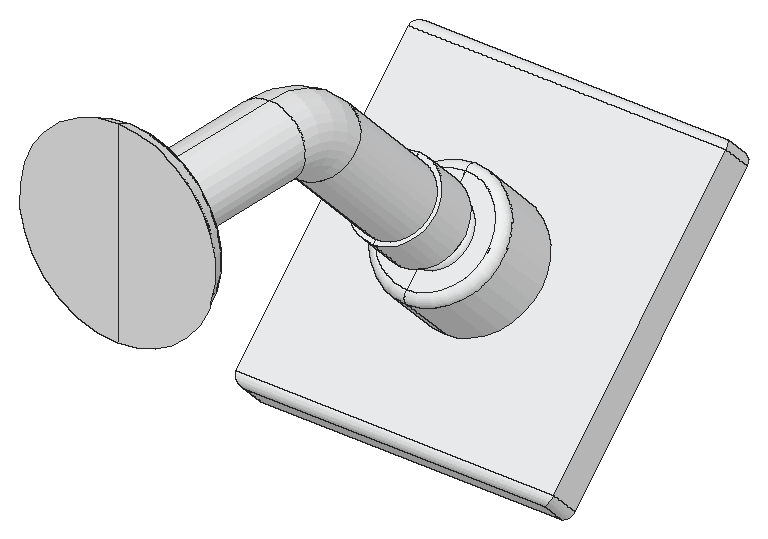
Revit family "434505551_Regadera Con Brazo Nogal", category Plumbing Fixtures, host Wall, Revit 2020 (continued)
Definition of nested family "Frontal"
  Lines and regions (mm)
    detail lines, in view "Ref. Level"
      curve 35: spline (28.801, 46.108, 0) -> (28.706, 45.626, 0) -> (28.426, 45.176, 0) -> (27.981, 44.79, 0) -> (27.401, 44.493, 0) -> (26.725, 44.307, 0) -> (26, 44.243, 0) -> (25.275, 44.307, 0) -> (24.599, 44.493, 0) -> (24.019, 44.79, 0) -> (23.574, 45.176, 0) -> (23.294, 45.626, 0) -> (23.199, 46.108, 0) -> (23.294, 46.591, 0) -> (23.574, 47.041, 0) -> (24.019, 47.427, 0) -> (24.599, 47.724, 0) -> (25.275, 47.91, 0) -> (26, 47.973, 0) -> (26.725, 47.91, 0) -> (27.401, 47.724, 0) -> (27.981, 47.427, 0) -> (28.426, 47.041, 0) -> (28.706, 46.591, 0) -> (28.801, 46.108, 0)
      curve 36: spline (28.801, 55.21, 0) -> (28.706, 55.693, 0) -> (28.426, 56.142, 0) -> (27.981, 56.529, 0) -> (27.401, 56.825, 0) -> (26.725, 57.011, 0) -> (26, 57.075, 0) -> (25.275, 57.011, 0) -> (24.599, 56.825, 0) -> (24.019, 56.529, 0) -> (23.574, 56.142, 0) -> (23.294, 55.693, 0) -> (23.199, 55.21, 0) -> (23.294, 54.727, 0) -> (23.574, 54.277, 0) -> (24.019, 53.891, 0) -> (24.599, 53.595, 0) -> (25.275, 53.408, 0) -> (26, 53.345, 0) -> (26.725, 53.408, 0) -> (27.401, 53.595, 0) -> (27.981, 53.891, 0) -> (28.426, 54.277, 0) -> (28.706, 54.727, 0) -> (28.801, 55.21, 0)
      curve 37: spline (28.801, 18.696, 0) -> (28.706, 18.214, 0) -> (28.426, 17.764, 0) -> (27.981, 17.377, 0) -> (27.401, 17.081, 0) -> (26.725, 16.895, 0) -> (26, 16.831, 0) -> (25.275, 16.895, 0) -> (24.599, 17.081, 0) -> (24.019, 17.377, 0) -> (23.574, 17.764, 0) -> (23.294, 18.214, 0) -> (23.199, 18.696, 0) -> (23.294, 19.179, 0) -> (23.574, 19.629, 0) -> (24.019, 20.015, 0) -> (24.599, 20.312, 0) -> (25.275, 20.498, 0) -> (26, 20.561, 0) -> (26.725, 20.498, 0) -> (27.401, 20.312, 0) -> (27.981, 20.015, 0) -> (28.426, 19.629, 0) -> (28.706, 19.179, 0) -> (28.801, 18.696, 0)
      curve 38: spline (28.801, 27.798, 0) -> (28.706, 28.281, 0) -> (28.426, 28.73, 0) -> (27.981, 29.117, 0) -> (27.401, 29.413, 0) -> (26.725, 29.599, 0) -> (26, 29.663, 0) -> (25.275, 29.599, 0) -> (24.599, 29.413, 0) -> (24.019, 29.117, 0) -> (23.574, 28.73, 0) -> (23.294, 28.281, 0) -> (23.199, 27.798, 0) -> (23.294, 27.315, 0) -> (23.574, 26.865, 0) -> (24.019, 26.479, 0) -> (24.599, 26.183, 0) -> (25.275, 25.996, 0) -> (26, 25.933, 0) -> (26.725, 25.996, 0) -> (27.401, 26.183, 0) -> (27.981, 26.479, 0) -> (28.426, 26.865, 0) -> (28.706, 27.315, 0) -> (28.801, 27.798, 0)
      curve 39: spline (41.801, 9.541, 0) -> (41.706, 9.058, 0) -> (41.426, 8.609, 0) -> (40.981, 8.222, 0) -> (40.401, 7.926, 0) -> (39.725, 7.74, 0) -> (39, 7.676, 0) -> (38.275, 7.74, 0) -> (37.599, 7.926, 0) -> (37.019, 8.222, 0) -> (36.574, 8.609, 0) -> (36.294, 9.058, 0) -> (36.199, 9.541, 0) -> (36.294, 10.024, 0) -> (36.574, 10.474, 0) -> (37.019, 10.86, 0) -> (37.599, 11.156, 0) -> (38.275, 11.343, 0) -> (39, 11.406, 0) -> (39.725, 11.343, 0) -> (40.401, 11.156, 0) -> (40.981, 10.86, 0) -> (41.426, 10.474, 0) -> (41.706, 10.024, 0) -> (41.801, 9.541, 0)
      curve 40: spline (41.801, 64.365, 0) -> (41.706, 64.848, 0) -> (41.426, 65.298, 0) -> (40.981, 65.684, 0) -> (40.401, 65.98, 0) -> (39.725, 66.167, 0) -> (39, 66.23, 0) -> (38.275, 66.167, 0) -> (37.599, 65.98, 0) -> (37.019, 65.684, 0) -> (36.574, 65.298, 0) -> (36.294, 64.848, 0) -> (36.199, 64.365, 0) -> (36.294, 63.882, 0) -> (36.574, 63.433, 0) -> (37.019, 63.046, 0) -> (37.599, 62.75, 0) -> (38.275, 62.564, 0) -> (39, 62.5, 0) -> (39.725, 62.564, 0) -> (40.401, 62.75, 0) -> (40.981, 63.046, 0) -> (41.426, 63.433, 0) -> (41.706, 63.882, 0) -> (41.801, 64.365, 0)
      curve 41: spline (41.801, 36.953, 0) -> (41.706, 36.47, 0) -> (41.426, 36.021, 0) -> (40.981, 35.634, 0) -> (40.401, 35.338, 0) -> (39.725, 35.152, 0) -> (39, 35.088, 0) -> (38.275, 35.152, 0) -> (37.599, 35.338, 0) -> (37.019, 35.634, 0) -> (36.574, 36.021, 0) -> (36.294, 36.47, 0) -> (36.199, 36.953, 0) -> (36.294, 37.436, 0) -> (36.574, 37.886, 0) -> (37.019, 38.272, 0) -> (37.599, 38.568, 0) -> (38.275, 38.755, 0) -> (39, 38.818, 0) -> (39.725, 38.755, 0) -> (40.401, 38.568, 0) -> (40.981, 38.272, 0) -> (41.426, 37.886, 0) -> (41.706, 37.436, 0) -> (41.801, 36.953, 0)
      curve 42: spline (41.801, 46.108, 0) -> (41.706, 45.626, 0) -> (41.426, 45.176, 0) -> (40.981, 44.79, 0) -> (40.401, 44.493, 0) -> (39.725, 44.307, 0) -> (39, 44.243, 0) -> (38.275, 44.307, 0) -> (37.599, 44.493, 0) -> (37.019, 44.79, 0) -> (36.574, 45.176, 0) -> (36.294, 45.626, 0) -> (36.199, 46.108, 0) -> (36.294, 46.591, 0) -> (36.574, 47.041, 0) -> (37.019, 47.427, 0) -> (37.599, 47.724, 0) -> (38.275, 47.91, 0) -> (39, 47.973, 0) -> (39.725, 47.91, 0) -> (40.401, 47.724, 0) -> (40.981, 47.427, 0) -> (41.426, 47.041, 0) -> (41.706, 46.591, 0) -> (41.801, 46.108, 0)
      curve 43: spline (41.801, 55.21, 0) -> (41.706, 55.693, 0) -> (41.426, 56.142, 0) -> (40.981, 56.529, 0) -> (40.401, 56.825, 0) -> (39.725, 57.011, 0) -> (39, 57.075, 0) -> (38.275, 57.011, 0) -> (37.599, 56.825, 0) -> (37.019, 56.529, 0) -> (36.574, 56.142, 0) -> (36.294, 55.693, 0) -> (36.199, 55.21, 0) -> (36.294, 54.727, 0) -> (36.574, 54.277, 0) -> (37.019, 53.891, 0) -> (37.599, 53.595, 0) -> (38.275, 53.408, 0) -> (39, 53.345, 0) -> (39.725, 53.408, 0) -> (40.401, 53.595, 0) -> (40.981, 53.891, 0) -> (41.426, 54.277, 0) -> (41.706, 54.727, 0) -> (41.801, 55.21, 0)
      curve 44: spline (41.801, 18.696, 0) -> (41.706, 18.214, 0) -> (41.426, 17.764, 0) -> (40.981, 17.377, 0) -> (40.401, 17.081, 0) -> (39.725, 16.895, 0) -> (39, 16.831, 0) -> (38.275, 16.895, 0) -> (37.599, 17.081, 0) -> (37.019, 17.377, 0) -> (36.574, 17.764, 0) -> (36.294, 18.214, 0) -> (36.199, 18.696, 0) -> (36.294, 19.179, 0) -> (36.574, 19.629, 0) -> (37.019, 20.015, 0) -> (37.599, 20.312, 0) -> (38.275, 20.498, 0) -> (39, 20.561, 0) -> (39.725, 20.498, 0) -> (40.401, 20.312, 0) -> (40.981, 20.015, 0) -> (41.426, 19.629, 0) -> (41.706, 19.179, 0) -> (41.801, 18.696, 0)
      curve 45: spline (41.801, 27.798, 0) -> (41.706, 28.281, 0) -> (41.426, 28.73, 0) -> (40.981, 29.117, 0) -> (40.401, 29.413, 0) -> (39.725, 29.599, 0) -> (39, 29.663, 0) -> (38.275, 29.599, 0) -> (37.599, 29.413, 0) -> (37.019, 29.117, 0) -> (36.574, 28.73, 0) -> (36.294, 28.281, 0) -> (36.199, 27.798, 0) -> (36.294, 27.315, 0) -> (36.574, 26.865, 0) -> (37.019, 26.479, 0) -> (37.599, 26.183, 0) -> (38.275, 25.996, 0) -> (39, 25.933, 0) -> (39.725, 25.996, 0) -> (40.401, 26.183, 0) -> (40.981, 26.479, 0) -> (41.426, 26.865, 0) -> (41.706, 27.315, 0) -> (41.801, 27.798, 0)
      curve 46: spline (-15.801, 9.541, 0) -> (-15.706, 9.058, 0) -> (-15.426, 8.609, 0) -> (-14.981, 8.222, 0) -> (-14.401, 7.926, 0) -> (-13.725, 7.74, 0) -> (-13, 7.676, 0) -> (-12.275, 7.74, 0) -> (-11.599, 7.926, 0) -> (-11.019, 8.222, 0) -> (-10.574, 8.609, 0) -> (-10.294, 9.058, 0) -> (-10.199, 9.541, 0) -> (-10.294, 10.024, 0) -> (-10.574, 10.474, 0) -> (-11.019, 10.86, 0) -> (-11.599, 11.156, 0) -> (-12.275, 11.343, 0) -> (-13, 11.406, 0) -> (-13.725, 11.343, 0) -> (-14.401, 11.156, 0) -> (-14.981, 10.86, 0) -> (-15.426, 10.474, 0) -> (-15.706, 10.024, 0) -> (-15.801, 9.541, 0)
      curve 47: spline (-15.801, 64.365, 0) -> (-15.706, 64.848, 0) -> (-15.426, 65.298, 0) -> (-14.981, 65.684, 0) -> (-14.401, 65.98, 0) -> (-13.725, 66.167, 0) -> (-13, 66.23, 0) -> (-12.275, 66.167, 0) -> (-11.599, 65.98, 0) -> (-11.019, 65.684, 0) -> (-10.574, 65.298, 0) -> (-10.294, 64.848, 0) -> (-10.199, 64.365, 0) -> (-10.294, 63.882, 0) -> (-10.574, 63.433, 0) -> (-11.019, 63.046, 0) -> (-11.599, 62.75, 0) -> (-12.275, 62.564, 0) -> (-13, 62.5, 0) -> (-13.725, 62.564, 0) -> (-14.401, 62.75, 0) -> (-14.981, 63.046, 0) -> (-15.426, 63.433, 0) -> (-15.706, 63.882, 0) -> (-15.801, 64.365, 0)
      curve 48: spline (-15.801, 36.953, 0) -> (-15.706, 36.47, 0) -> (-15.426, 36.021, 0) -> (-14.981, 35.634, 0) -> (-14.401, 35.338, 0) -> (-13.725, 35.152, 0) -> (-13, 35.088, 0) -> (-12.275, 35.152, 0) -> (-11.599, 35.338, 0) -> (-11.019, 35.634, 0) -> (-10.574, 36.021, 0) -> (-10.294, 36.47, 0) -> (-10.199, 36.953, 0) -> (-10.294, 37.436, 0) -> (-10.574, 37.886, 0) -> (-11.019, 38.272, 0) -> (-11.599, 38.568, 0) -> (-12.275, 38.755, 0) -> (-13, 38.818, 0) -> (-13.725, 38.755, 0) -> (-14.401, 38.568, 0) -> (-14.981, 38.272, 0) -> (-15.426, 37.886, 0) -> (-15.706, 37.436, 0) -> (-15.801, 36.953, 0)
      curve 49: spline (-15.801, 46.108, 0) -> (-15.706, 45.626, 0) -> (-15.426, 45.176, 0) -> (-14.981, 44.79, 0) -> (-14.401, 44.493, 0) -> (-13.725, 44.307, 0) -> (-13, 44.243, 0) -> (-12.275, 44.307, 0) -> (-11.599, 44.493, 0) -> (-11.019, 44.79, 0) -> (-10.574, 45.176, 0) -> (-10.294, 45.626, 0) -> (-10.199, 46.108, 0) -> (-10.294, 46.591, 0) -> (-10.574, 47.041, 0) -> (-11.019, 47.427, 0) -> (-11.599, 47.724, 0) -> (-12.275, 47.91, 0) -> (-13, 47.973, 0) -> (-13.725, 47.91, 0) -> (-14.401, 47.724, 0) -> (-14.981, 47.427, 0) -> (-15.426, 47.041, 0) -> (-15.706, 46.591, 0) -> (-15.801, 46.108, 0)
      curve 50: spline (-15.801, 55.21, 0) -> (-15.706, 55.693, 0) -> (-15.426, 56.142, 0) -> (-14.981, 56.529, 0) -> (-14.401, 56.825, 0) -> (-13.725, 57.011, 0) -> (-13, 57.075, 0) -> (-12.275, 57.011, 0) -> (-11.599, 56.825, 0) -> (-11.019, 56.529, 0) -> (-10.574, 56.142, 0) -> (-10.294, 55.693, 0) -> (-10.199, 55.21, 0) -> (-10.294, 54.727, 0) -> (-10.574, 54.277, 0) -> (-11.019, 53.891, 0) -> (-11.599, 53.595, 0) -> (-12.275, 53.408, 0) -> (-13, 53.345, 0) -> (-13.725, 53.408, 0) -> (-14.401, 53.595, 0) -> (-14.981, 53.891, 0) -> (-15.426, 54.277, 0) -> (-15.706, 54.727, 0) -> (-15.801, 55.21, 0)
      curve 51: spline (-15.801, 18.696, 0) -> (-15.706, 18.214, 0) -> (-15.426, 17.764, 0) -> (-14.981, 17.377, 0) -> (-14.401, 17.081, 0) -> (-13.725, 16.895, 0) -> (-13, 16.831, 0) -> (-12.275, 16.895, 0) -> (-11.599, 17.081, 0) -> (-11.019, 17.377, 0) -> (-10.574, 17.764, 0) -> (-10.294, 18.214, 0) -> (-10.199, 18.696, 0) -> (-10.294, 19.179, 0) -> (-10.574, 19.629, 0) -> (-11.019, 20.015, 0) -> (-11.599, 20.312, 0) -> (-12.275, 20.498, 0) -> (-13, 20.561, 0) -> (-13.725, 20.498, 0) -> (-14.401, 20.312, 0) -> (-14.981, 20.015, 0) -> (-15.426, 19.629, 0) -> (-15.706, 19.179, 0) -> (-15.801, 18.696, 0)
      curve 52: spline (-15.801, 27.798, 0) -> (-15.706, 28.281, 0) -> (-15.426, 28.73, 0) -> (-14.981, 29.117, 0) -> (-14.401, 29.413, 0) -> (-13.725, 29.599, 0) -> (-13, 29.663, 0) -> (-12.275, 29.599, 0) -> (-11.599, 29.413, 0) -> (-11.019, 29.117, 0) -> (-10.574, 28.73, 0) -> (-10.294, 28.281, 0) -> (-10.199, 27.798, 0) -> (-10.294, 27.315, 0) -> (-10.574, 26.865, 0) -> (-11.019, 26.479, 0) -> (-11.599, 26.183, 0) -> (-12.275, 25.996, 0) -> (-13, 25.933, 0) -> (-13.725, 25.996, 0) -> (-14.401, 26.183, 0) -> (-14.981, 26.479, 0) -> (-15.426, 26.865, 0) -> (-15.706, 27.315, 0) -> (-15.801, 27.798, 0)
      curve 53: spline (-28.801, 9.541, 0) -> (-28.706, 9.058, 0) -> (-28.426, 8.609, 0) -> (-27.981, 8.222, 0) -> (-27.401, 7.926, 0) -> (-26.725, 7.74, 0) -> (-26, 7.676, 0) -> (-25.275, 7.74, 0) -> (-24.599, 7.926, 0) -> (-24.019, 8.222, 0) -> (-23.574, 8.609, 0) -> (-23.294, 9.058, 0) -> (-23.199, 9.541, 0) -> (-23.294, 10.024, 0) -> (-23.574, 10.474, 0) -> (-24.019, 10.86, 0) -> (-24.599, 11.156, 0) -> (-25.275, 11.343, 0) -> (-26, 11.406, 0) -> (-26.725, 11.343, 0) -> (-27.401, 11.156, 0) -> (-27.981, 10.86, 0) -> (-28.426, 10.474, 0) -> (-28.706, 10.024, 0) -> (-28.801, 9.541, 0)
      curve 54: spline (-28.801, 64.365, 0) -> (-28.706, 64.848, 0) -> (-28.426, 65.298, 0) -> (-27.981, 65.684, 0) -> (-27.401, 65.98, 0) -> (-26.725, 66.167, 0) -> (-26, 66.23, 0) -> (-25.275, 66.167, 0) -> (-24.599, 65.98, 0) -> (-24.019, 65.684, 0) -> (-23.574, 65.298, 0) -> (-23.294, 64.848, 0) -> (-23.199, 64.365, 0) -> (-23.294, 63.882, 0) -> (-23.574, 63.433, 0) -> (-24.019, 63.046, 0) -> (-24.599, 62.75, 0) -> (-25.275, 62.564, 0) -> (-26, 62.5, 0) -> (-26.725, 62.564, 0) -> (-27.401, 62.75, 0) -> (-27.981, 63.046, 0) -> (-28.426, 63.433, 0) -> (-28.706, 63.882, 0) -> (-28.801, 64.365, 0)
      curve 55: spline (-28.801, 36.953, 0) -> (-28.706, 36.47, 0) -> (-28.426, 36.021, 0) -> (-27.981, 35.634, 0) -> (-27.401, 35.338, 0) -> (-26.725, 35.152, 0) -> (-26, 35.088, 0) -> (-25.275, 35.152, 0) -> (-24.599, 35.338, 0) -> (-24.019, 35.634, 0) -> (-23.574, 36.021, 0) -> (-23.294, 36.47, 0) -> (-23.199, 36.953, 0) -> (-23.294, 37.436, 0) -> (-23.574, 37.886, 0) -> (-24.019, 38.272, 0) -> (-24.599, 38.568, 0) -> (-25.275, 38.755, 0) -> (-26, 38.818, 0) -> (-26.725, 38.755, 0) -> (-27.401, 38.568, 0) -> (-27.981, 38.272, 0) -> (-28.426, 37.886, 0) -> (-28.706, 37.436, 0) -> (-28.801, 36.953, 0)
      curve 56: spline (-28.801, 46.108, 0) -> (-28.706, 45.626, 0) -> (-28.426, 45.176, 0) -> (-27.981, 44.79, 0) -> (-27.401, 44.493, 0) -> (-26.725, 44.307, 0) -> (-26, 44.243, 0) -> (-25.275, 44.307, 0) -> (-24.599, 44.493, 0) -> (-24.019, 44.79, 0) -> (-23.574, 45.176, 0) -> (-23.294, 45.626, 0) -> (-23.199, 46.108, 0) -> (-23.294, 46.591, 0) -> (-23.574, 47.041, 0) -> (-24.019, 47.427, 0) -> (-24.599, 47.724, 0) -> (-25.275, 47.91, 0) -> (-26, 47.973, 0) -> (-26.725, 47.91, 0) -> (-27.401, 47.724, 0) -> (-27.981, 47.427, 0) -> (-28.426, 47.041, 0) -> (-28.706, 46.591, 0) -> (-28.801, 46.108, 0)
      curve 57: spline (-28.801, 55.21, 0) -> (-28.706, 55.693, 0) -> (-28.426, 56.142, 0) -> (-27.981, 56.529, 0) -> (-27.401, 56.825, 0) -> (-26.725, 57.011, 0) -> (-26, 57.075, 0) -> (-25.275, 57.011, 0) -> (-24.599, 56.825, 0) -> (-24.019, 56.529, 0) -> (-23.574, 56.142, 0) -> (-23.294, 55.693, 0) -> (-23.199, 55.21, 0) -> (-23.294, 54.727, 0) -> (-23.574, 54.277, 0) -> (-24.019, 53.891, 0) -> (-24.599, 53.595, 0) -> (-25.275, 53.408, 0) -> (-26, 53.345, 0) -> (-26.725, 53.408, 0) -> (-27.401, 53.595, 0) -> (-27.981, 53.891, 0) -> (-28.426, 54.277, 0) -> (-28.706, 54.727, 0) -> (-28.801, 55.21, 0)
      curve 58: spline (-28.801, 18.696, 0) -> (-28.706, 18.214, 0) -> (-28.426, 17.764, 0) -> (-27.981, 17.377, 0) -> (-27.401, 17.081, 0) -> (-26.725, 16.895, 0) -> (-26, 16.831, 0) -> (-25.275, 16.895, 0) -> (-24.599, 17.081, 0) -> (-24.019, 17.377, 0) -> (-23.574, 17.764, 0) -> (-23.294, 18.214, 0) -> (-23.199, 18.696, 0) -> (-23.294, 19.179, 0) -> (-23.574, 19.629, 0) -> (-24.019, 20.015, 0) -> (-24.599, 20.312, 0) -> (-25.275, 20.498, 0) -> (-26, 20.561, 0) -> (-26.725, 20.498, 0) -> (-27.401, 20.312, 0) -> (-27.981, 20.015, 0) -> (-28.426, 19.629, 0) -> (-28.706, 19.179, 0) -> (-28.801, 18.696, 0)
      curve 59: spline (-28.801, 27.798, 0) -> (-28.706, 28.281, 0) -> (-28.426, 28.73, 0) -> (-27.981, 29.117, 0) -> (-27.401, 29.413, 0) -> (-26.725, 29.599, 0) -> (-26, 29.663, 0) -> (-25.275, 29.599, 0) -> (-24.599, 29.413, 0) -> (-24.019, 29.117, 0) -> (-23.574, 28.73, 0) -> (-23.294, 28.281, 0) -> (-23.199, 27.798, 0) -> (-23.294, 27.315, 0) -> (-23.574, 26.865, 0) -> (-24.019, 26.479, 0) -> (-24.599, 26.183, 0) -> (-25.275, 25.996, 0) -> (-26, 25.933, 0) -> (-26.725, 25.996, 0) -> (-27.401, 26.183, 0) -> (-27.981, 26.479, 0) -> (-28.426, 26.865, 0) -> (-28.706, 27.315, 0) -> (-28.801, 27.798, 0)
      curve 60: spline (-41.801, 9.541, 0) -> (-41.706, 9.058, 0) -> (-41.426, 8.609, 0) -> (-40.981, 8.222, 0) -> (-40.401, 7.926, 0) -> (-39.725, 7.74, 0) -> (-39, 7.676, 0) -> (-38.275, 7.74, 0) -> (-37.599, 7.926, 0) -> (-37.019, 8.222, 0) -> (-36.574, 8.609, 0) -> (-36.294, 9.058, 0) -> (-36.199, 9.541, 0) -> (-36.294, 10.024, 0) -> (-36.574, 10.474, 0) -> (-37.019, 10.86, 0) -> (-37.599, 11.156, 0) -> (-38.275, 11.343, 0) -> (-39, 11.406, 0) -> (-39.725, 11.343, 0) -> (-40.401, 11.156, 0) -> (-40.981, 10.86, 0) -> (-41.426, 10.474, 0) -> (-41.706, 10.024, 0) -> (-41.801, 9.541, 0)
      curve 61: spline (-41.801, 64.365, 0) -> (-41.706, 64.848, 0) -> (-41.426, 65.298, 0) -> (-40.981, 65.684, 0) -> (-40.401, 65.98, 0) -> (-39.725, 66.167, 0) -> (-39, 66.23, 0) -> (-38.275, 66.167, 0) -> (-37.599, 65.98, 0) -> (-37.019, 65.684, 0) -> (-36.574, 65.298, 0) -> (-36.294, 64.848, 0) -> (-36.199, 64.365, 0) -> (-36.294, 63.882, 0) -> (-36.574, 63.433, 0) -> (-37.019, 63.046, 0) -> (-37.599, 62.75, 0) -> (-38.275, 62.564, 0) -> (-39, 62.5, 0) -> (-39.725, 62.564, 0) -> (-40.401, 62.75, 0) -> (-40.981, 63.046, 0) -> (-41.426, 63.433, 0) -> (-41.706, 63.882, 0) -> (-41.801, 64.365, 0)
      curve 62: spline (-41.801, 36.953, 0) -> (-41.706, 36.47, 0) -> (-41.426, 36.021, 0) -> (-40.981, 35.634, 0) -> (-40.401, 35.338, 0) -> (-39.725, 35.152, 0) -> (-39, 35.088, 0) -> (-38.275, 35.152, 0) -> (-37.599, 35.338, 0) -> (-37.019, 35.634, 0) -> (-36.574, 36.021, 0) -> (-36.294, 36.47, 0) -> (-36.199, 36.953, 0) -> (-36.294, 37.436, 0) -> (-36.574, 37.886, 0) -> (-37.019, 38.272, 0) -> (-37.599, 38.568, 0) -> (-38.275, 38.755, 0) -> (-39, 38.818, 0) -> (-39.725, 38.755, 0) -> (-40.401, 38.568, 0) -> (-40.981, 38.272, 0) -> (-41.426, 37.886, 0) -> (-41.706, 37.436, 0) -> (-41.801, 36.953, 0)
      curve 63: spline (-41.801, 46.108, 0) -> (-41.706, 45.626, 0) -> (-41.426, 45.176, 0) -> (-40.981, 44.79, 0) -> (-40.401, 44.493, 0) -> (-39.725, 44.307, 0) -> (-39, 44.243, 0) -> (-38.275, 44.307, 0) -> (-37.599, 44.493, 0) -> (-37.019, 44.79, 0) -> (-36.574, 45.176, 0) -> (-36.294, 45.626, 0) -> (-36.199, 46.108, 0) -> (-36.294, 46.591, 0) -> (-36.574, 47.041, 0) -> (-37.019, 47.427, 0) -> (-37.599, 47.724, 0) -> (-38.275, 47.91, 0) -> (-39, 47.973, 0) -> (-39.725, 47.91, 0) -> (-40.401, 47.724, 0) -> (-40.981, 47.427, 0) -> (-41.426, 47.041, 0) -> (-41.706, 46.591, 0) -> (-41.801, 46.108, 0)
      curve 64: spline (-41.801, 55.21, 0) -> (-41.706, 55.693, 0) -> (-41.426, 56.142, 0) -> (-40.981, 56.529, 0) -> (-40.401, 56.825, 0) -> (-39.725, 57.011, 0) -> (-39, 57.075, 0) -> (-38.275, 57.011, 0) -> (-37.599, 56.825, 0) -> (-37.019, 56.529, 0) -> (-36.574, 56.142, 0) -> (-36.294, 55.693, 0) -> (-36.199, 55.21, 0) -> (-36.294, 54.727, 0) -> (-36.574, 54.277, 0) -> (-37.019, 53.891, 0) -> (-37.599, 53.595, 0) -> (-38.275, 53.408, 0) -> (-39, 53.345, 0) -> (-39.725, 53.408, 0) -> (-40.401, 53.595, 0) -> (-40.981, 53.891, 0) -> (-41.426, 54.277, 0) -> (-41.706, 54.727, 0) -> (-41.801, 55.21, 0)
      curve 65: spline (-41.801, 18.696, 0) -> (-41.706, 18.214, 0) -> (-41.426, 17.764, 0) -> (-40.981, 17.377, 0) -> (-40.401, 17.081, 0) -> (-39.725, 16.895, 0) -> (-39, 16.831, 0) -> (-38.275, 16.895, 0) -> (-37.599, 17.081, 0) -> (-37.019, 17.377, 0) -> (-36.574, 17.764, 0) -> (-36.294, 18.214, 0) -> (-36.199, 18.696, 0) -> (-36.294, 19.179, 0) -> (-36.574, 19.629, 0) -> (-37.019, 20.015, 0) -> (-37.599, 20.312, 0) -> (-38.275, 20.498, 0) -> (-39, 20.561, 0) -> (-39.725, 20.498, 0) -> (-40.401, 20.312, 0) -> (-40.981, 20.015, 0) -> (-41.426, 19.629, 0) -> (-41.706, 19.179, 0) -> (-41.801, 18.696, 0)
      curve 66: spline (-41.801, 27.798, 0) -> (-41.706, 28.281, 0) -> (-41.426, 28.73, 0) -> (-40.981, 29.117, 0) -> (-40.401, 29.413, 0) -> (-39.725, 29.599, 0) -> (-39, 29.663, 0) -> (-38.275, 29.599, 0) -> (-37.599, 29.413, 0) -> (-37.019, 29.117, 0) -> (-36.574, 28.73, 0) -> (-36.294, 28.281, 0) -> (-36.199, 27.798, 0) -> (-36.294, 27.315, 0) -> (-36.574, 26.865, 0) -> (-37.019, 26.479, 0) -> (-37.599, 26.183, 0) -> (-38.275, 25.996, 0) -> (-39, 25.933, 0) -> (-39.725, 25.996, 0) -> (-40.401, 26.183, 0) -> (-40.981, 26.479, 0) -> (-41.426, 26.865, 0) -> (-41.706, 27.315, 0) -> (-41.801, 27.798, 0)
  Dimensions and locks
    "Alto": plane 1 "Center (Front/Back)" to plane 4
    equal spacing: plane 5, plane 3 "Center (Left/Right)", plane 6
    "Ancho": plane 5 to plane 6
  Automatic sketch dimensions
    Masking region 1 sketch curve to Masking region 1 sketch curve = 0 mm  (x2)
    Masking region 1 sketch curve to plane 5 = 0 mm
    plane 1 "Center (Front/Back)" to Masking region 1 sketch curve = 0 mm
    Masking region 1 sketch curve to plane 3 "Center (Left/Right)" = 0 mm  (x2)
    Masking region 1 sketch curve to plane 6 = 0 mm
    Masking region 1 sketch curve to plane 4 = 0 mm
    plane 5 to Masking region 1 sketch curve = 5 mm
    Masking region 1 sketch curve to plane 1 "Center (Front/Back)" = 5 mm
    Masking region 1 sketch curve to plane 3 "Center (Left/Right)" = 13.763 mm
    Masking region 1 sketch curve to Masking region 1 sketch curve = 2.763 mm  (x2)
    plane 3 "Center (Left/Right)" to Masking region 1 sketch curve = 11 mm
    Masking region 1 sketch curve to plane 6 = 5 mm  (x2)
    Masking region 1 sketch curve to plane 4 = 45.485 mm
    Masking region 1 sketch curve to plane 4 = 41 mm  (x2)
    Masking region 1 sketch curve to Masking region 1 sketch curve = 4.989 mm
    curve 3 to curve 4 = 0 mm  (x2)
    curve 7 to curve 9 = 0 mm  (x2)
    curve 8 to curve 11 = 0 mm  (x2)
    curve 7 to plane 5 = 0 mm
    curve 3 to plane 4 = 0 mm
    curve 23 to plane 3 "Center (Left/Right)" = 0 mm
    curve 18 to plane 3 "Center (Left/Right)" = 0 mm
    curve 22 to plane 3 "Center (Left/Right)" = 0 mm
    curve 17 to plane 3 "Center (Left/Right)" = 0 mm
    curve 4 to plane 3 "Center (Left/Right)" = 0 mm
    curve 21 to plane 3 "Center (Left/Right)" = 0 mm
    curve 24 to plane 3 "Center (Left/Right)" = 0 mm
    curve 20 to plane 3 "Center (Left/Right)" = 0 mm
    curve 19 to plane 3 "Center (Left/Right)" = 0 mm
    curve 8 to plane 6 = 0 mm
    plane 5 to curve 15 = 2 mm
    curve 9 to curve 7 = 1 mm
    curve 12 to curve 12 = 3 mm
    curve 1 to plane 3 "Center (Left/Right)" = 11 mm
    curve 13 to plane 1 "Center (Front/Back)" = 2 mm
    curve 13 to curve 14 = 3 mm
    curve 8 to curve 11 = 1 mm
    curve 11 to plane 4 = 47 mm
    curve 17 to plane 4 = 45.681 mm
    plane 5 to curve 64 = 9.199 mm
    plane 5 to curve 66 = 9.199 mm
    curve 62 to curve 66 = 0 mm
    curve 63 to curve 64 = 0 mm
    curve 7 to curve 61 = 6.199 mm
    curve 65 to curve 66 = 0 mm
    curve 12 to curve 60 = 4.199 mm
    curve 61 to curve 61 = 2.801 mm
    curve 62 to curve 62 = 2.801 mm
    curve 63 to curve 63 = 2.801 mm
    curve 65 to curve 65 = 2.801 mm
    curve 60 to curve 60 = 2.801 mm
    curve 64 to curve 64 = 2.801 mm
    curve 66 to curve 66 = 2.801 mm
    curve 66 to curve 59 = 10.199 mm
    curve 63 to curve 56 = 10.199 mm
    curve 60 to curve 53 = 10.199 mm
    curve 58 to curve 59 = 0 mm
    curve 61 to curve 54 = 10.199 mm
    curve 55 to curve 56 = 0 mm
    curve 57 to curve 56 = 0 mm
    curve 57 to curve 57 = 2.801 mm
    curve 58 to curve 58 = 2.801 mm
    curve 54 to curve 54 = 2.801 mm
    curve 59 to curve 59 = 2.801 mm
    curve 56 to curve 56 = 2.801 mm
    curve 55 to curve 55 = 2.801 mm
    curve 53 to curve 53 = 2.801 mm
    curve 56 to curve 49 = 10.199 mm
    curve 54 to curve 47 = 10.199 mm
    curve 48 to curve 49 = 0 mm
    curve 50 to curve 49 = 0 mm
    curve 53 to curve 46 = 10.199 mm
    curve 52 to curve 48 = 0 mm
    curve 51 to curve 52 = 0 mm
    curve 5 to curve 1 = 2.763 mm
    curve 46 to curve 46 = 2.801 mm
    curve 50 to curve 50 = 2.801 mm
    curve 47 to curve 47 = 2.801 mm
    curve 49 to curve 49 = 2.801 mm
    curve 51 to curve 51 = 2.801 mm
    curve 52 to curve 52 = 2.801 mm
    curve 48 to curve 48 = 2.801 mm
    curve 5 to curve 17 = 2.763 mm
    plane 3 "Center (Left/Right)" to curve 23 = 2.801 mm
    curve 20 to curve 20 = 2.801 mm
    plane 3 "Center (Left/Right)" to curve 22 = 2.801 mm
    plane 3 "Center (Left/Right)" to curve 24 = 2.801 mm
    plane 3 "Center (Left/Right)" to curve 19 = 2.801 mm
    plane 3 "Center (Left/Right)" to curve 18 = 2.801 mm
    plane 3 "Center (Left/Right)" to curve 21 = 2.801 mm
    curve 17 to curve 2 = 0 mm
    curve 24 to curve 31 = 10.199 mm
    curve 30 to curve 31 = 0 mm
    curve 22 to curve 29 = 10.199 mm
    curve 25 to curve 30 = 0 mm
    curve 28 to curve 29 = 0 mm
    curve 27 to curve 28 = 0 mm
    curve 26 to curve 29 = 0 mm
    curve 17 to curve 5 = 2.763 mm
    curve 29 to curve 29 = 2.801 mm
    curve 28 to curve 28 = 2.801 mm
    curve 25 to curve 25 = 2.801 mm
    curve 27 to curve 27 = 2.801 mm
    curve 30 to curve 30 = 2.801 mm
    curve 26 to curve 26 = 2.801 mm
    curve 31 to curve 31 = 2.801 mm
    curve 27 to curve 34 = 10.199 mm
    curve 26 to curve 33 = 10.199 mm
    curve 25 to curve 32 = 10.199 mm
    curve 36 to curve 33 = 0 mm
    curve 37 to curve 32 = 0 mm
    curve 38 to curve 37 = 0 mm
    curve 35 to curve 36 = 0 mm
    curve 36 to curve 36 = 2.801 mm
    curve 34 to curve 34 = 2.801 mm
    curve 33 to curve 33 = 2.801 mm
    curve 32 to curve 32 = 2.801 mm
    curve 35 to curve 35 = 2.801 mm
    curve 38 to curve 38 = 2.801 mm
    curve 37 to curve 37 = 2.801 mm
    curve 37 to curve 44 = 10.199 mm
    curve 35 to curve 42 = 10.199 mm
    curve 43 to curve 42 = 0 mm
    curve 39 to curve 14 = 7 mm
    curve 45 to curve 44 = 0 mm
    curve 40 to curve 43 = 0 mm
    curve 41 to curve 42 = 0 mm
    curve 39 to curve 39 = 2.801 mm
    curve 44 to curve 44 = 2.801 mm
    curve 40 to curve 40 = 2.801 mm
    curve 43 to curve 43 = 2.801 mm
    curve 45 to curve 45 = 2.801 mm
    curve 42 to curve 42 = 2.801 mm
    curve 41 to curve 41 = 2.801 mm
    curve 25 to plane 1 "Center (Front/Back)" = 9.541 mm
    curve 53 to plane 1 "Center (Front/Back)" = 9.541 mm
    curve 18 to plane 1 "Center (Front/Back)" = 9.541 mm
    curve 12 to curve 60 = 4.541 mm
    curve 46 to plane 1 "Center (Front/Back)" = 9.541 mm
    curve 32 to plane 1 "Center (Front/Back)" = 9.541 mm
    curve 14 to curve 39 = 4.541 mm
    curve 39 to curve 44 = 9.155 mm
    curve 25 to curve 30 = 9.155 mm
    curve 18 to curve 23 = 9.155 mm
    curve 32 to curve 37 = 9.155 mm
    curve 46 to curve 51 = 9.155 mm
    curve 53 to curve 58 = 9.155 mm
    curve 60 to curve 65 = 9.155 mm
    curve 37 to curve 38 = 9.102 mm
    curve 65 to curve 66 = 9.102 mm
    curve 30 to curve 31 = 9.102 mm
    curve 44 to curve 45 = 9.102 mm
    curve 51 to curve 52 = 9.102 mm
    curve 58 to curve 59 = 9.102 mm
    curve 23 to curve 24 = 9.102 mm
    curve 66 to curve 62 = 9.155 mm
    curve 59 to curve 55 = 9.155 mm
    curve 52 to curve 48 = 9.155 mm
    curve 24 to curve 20 = 9.155 mm
    curve 45 to curve 41 = 9.155 mm
    curve 31 to curve 27 = 9.155 mm
    curve 38 to curve 34 = 9.155 mm
    curve 41 to curve 42 = 9.155 mm
    curve 20 to curve 21 = 9.155 mm
    curve 48 to curve 49 = 9.155 mm
    curve 62 to curve 63 = 9.155 mm
    curve 55 to curve 56 = 9.155 mm
    curve 27 to curve 28 = 9.155 mm
    curve 34 to curve 35 = 9.155 mm
    curve 35 to curve 36 = 9.102 mm
    curve 49 to curve 50 = 9.102 mm
    curve 28 to curve 29 = 9.102 mm
    curve 56 to curve 57 = 9.102 mm
    curve 63 to curve 64 = 9.102 mm
    curve 21 to curve 22 = 9.102 mm
    curve 42 to curve 43 = 9.102 mm
    curve 29 to curve 26 = 9.155 mm
    curve 61 to curve 7 = 5.635 mm
    curve 57 to curve 54 = 9.155 mm
    curve 19 to curve 17 = 6.954 mm
    curve 36 to curve 33 = 9.155 mm
    curve 50 to curve 47 = 9.155 mm
    curve 40 to curve 8 = 5.635 mm
    curve 26 to curve 5 = 16.635 mm
    curve 5 to curve 17 = 3.1 mm
    curve 17 to curve 2 = 4.989 mm
    curve 17 to curve 1 = 4.989 mm
    curve 4 to curve 3 = 12.781 mm
Definition of nested family "Lateral"
  Parameters (values of type "Family1")
    Ancho = 191 mm
    Alto = 117 mm
  Reference planes
    plane 1 "Center (Front/Back)": y = 0
    plane 2: z = 0
    plane 3 "Center (Left/Right)": x = 0
    plane 4: y = 117
    plane 5: x = -95.5
    plane 6: x = 95.5
  Lines and regions (mm)
    Masking region 1, in view "Ref. Level"
      outline origin (0, 0, 0) x (1, 0, 0) y (0, 1, 0)
        loop
          line (-22.285, 0) -> (-15.214, 7.071)
          arc (-15.214, 7.071) -> (-14.335, 9.192) -> (-15.214, 11.314) r 3
          line (-15.214, 11.314) -> (-36.537, 32.636) -> (-21.182, 47.991)
          arc (-21.182, 47.991) -> (-20.303, 50.112) -> (-21.182, 52.234) r 3
          line (-21.182, 52.234) -> (-24.819, 55.871)
          arc (-24.819, 55.871) -> (-25.166, 57.612) -> (-23.69, 58.598) r 1.597
          line (-23.69, 58.598) -> (-18.067, 58.598) -> (-7.047, 69.618) -> (-8.686, 71.258) -> (18.734, 98.678)
          arc (18.734, 98.678) -> (26.845, 104.097) -> (36.412, 106) r 25
          line (36.412, 106) -> (88.5, 106) -> (88.5, 100.274)
          arc (88.5, 100.274) -> (88.549, 98.879) -> (88.695, 97.491) r 20
          line (88.695, 97.491) -> (89.776, 89.795)
          arc (89.776, 89.795) -> (90.259, 88.748) -> (91.239, 88.142) r 2
          line (91.239, 88.142) -> (95.5, 87) -> (95.5, 147) -> (91.239, 145.858)
          arc (91.239, 145.858) -> (90.259, 145.252) -> (89.776, 144.205) r 2
          line (89.776, 144.205) -> (88.695, 136.509)
          arc (88.695, 136.509) -> (88.549, 135.121) -> (88.5, 133.726) r 20
          line (88.5, 133.726) -> (88.5, 128) -> (36.412, 128)
          arc (36.412, 128) -> (18.426, 124.422) -> (3.178, 114.234) r 47
          line (3.178, 114.234) -> (-24.242, 86.814) -> (-25.882, 88.453) -> (-36.902, 77.433) -> (-36.902, 71.81)
          arc (-36.902, 71.81) -> (-37.888, 70.334) -> (-39.629, 70.681) r 1.597
          line (-39.629, 70.681) -> (-43.266, 74.318)
          arc (-43.266, 74.318) -> (-45.388, 75.197) -> (-47.509, 74.318) r 3
          line (-47.509, 74.318) -> (-62.864, 58.963) -> (-84.186, 80.286)
          arc (-84.186, 80.286) -> (-86.308, 81.165) -> (-88.429, 80.286) r 3
          line (-88.429, 80.286) -> (-95.5, 73.215) -> (-22.285, 0)
    detail lines, in view "Ref. Level"
      curve 1: line (88.5, 106, 0) -> (88.5, 128, 0)
      curve 2: line (-8.686, 71.258, 0) -> (-24.242, 86.814, 0)
      curve 3: line (-36.902, 77.433, 0) -> (-18.067, 58.598, 0)
      curve 4: line (-24.819, 55.871, 0) -> (-39.629, 70.681, 0)
      curve 5: line (-36.902, 71.81, 0) -> (-23.69, 58.598, 0)
      curve 6: line (-62.864, 58.963, 0) -> (-36.537, 32.636, 0)
  Dimensions and locks
    "Alto": plane 1 "Center (Front/Back)" to plane 4
    equal spacing: plane 5, plane 3 "Center (Left/Right)", plane 6
    "Ancho": plane 5 to plane 6
  Automatic sketch dimensions
    Masking region 1 sketch curve to Masking region 1 sketch curve = 0 mm  (x2)
    Masking region 1 sketch curve to plane 5 = 0 mm
    plane 1 "Center (Front/Back)" to Masking region 1 sketch curve = 0 mm
    Masking region 1 sketch curve to plane 6 = 0 mm
    plane 5 to Masking region 1 sketch curve = 7.071 mm
    Masking region 1 sketch curve to Masking region 1 sketch curve = 2.121 mm  (x11)
    Masking region 1 sketch curve to Masking region 1 sketch curve = 21.322 mm  (x3)
    Masking region 1 sketch curve to Masking region 1 sketch curve = 15.355 mm
    Masking region 1 sketch curve to Masking region 1 sketch curve = 3.638 mm  (x3)
    Masking region 1 sketch curve to Masking region 1 sketch curve = 1.13 mm  (x3)
    Masking region 1 sketch curve to Masking region 1 sketch curve = 1.597 mm
    Masking region 1 sketch curve to Masking region 1 sketch curve = 11.02 mm  (x2)
    Masking region 1 sketch curve to Masking region 1 sketch curve = 12.082 mm
    Masking region 1 sketch curve to Masking region 1 sketch curve = 1.639 mm  (x2)
    Masking region 1 sketch curve to Masking region 1 sketch curve = 1.516 mm
    Masking region 1 sketch curve to plane 3 "Center (Left/Right)" = 22.285 mm
    Masking region 1 sketch curve to Masking region 1 sketch curve = 5.623 mm  (x2)
    Masking region 1 sketch curve to Masking region 1 sketch curve = 4.95 mm
    Masking region 1 sketch curve to plane 1 "Center (Front/Back)" = 7.071 mm
    Masking region 1 sketch curve to plane 1 "Center (Front/Back)" = 11.314 mm
    Masking region 1 sketch curve to plane 3 "Center (Left/Right)" = 8.686 mm
    plane 3 "Center (Left/Right)" to Masking region 1 sketch curve = 3.178 mm
    plane 3 "Center (Left/Right)" to Masking region 1 sketch curve = 18.734 mm
    plane 4 to Masking region 1 sketch curve = 11 mm
    Masking region 1 sketch curve to Masking region 1 sketch curve = 17.678 mm  (x2)
    Masking region 1 sketch curve to plane 6 = 7 mm  (x2)
    Masking region 1 sketch curve to Masking region 1 sketch curve = 0.195 mm  (x2)
    Masking region 1 sketch curve to plane 6 = 5.724 mm
    Masking region 1 sketch curve to Masking region 1 sketch curve = 1.276 mm
    Masking region 1 sketch curve to Masking region 1 sketch curve = 1.463 mm  (x2)
    Masking region 1 sketch curve to Masking region 1 sketch curve = 0.518 mm  (x2)
    plane 6 to Masking region 1 sketch curve = 13 mm
    Masking region 1 sketch curve to Masking region 1 sketch curve = 19 mm
    Masking region 1 sketch curve to Masking region 1 sketch curve = 1.142 mm  (x2)
    Masking region 1 sketch curve to Masking region 1 sketch curve = 1.654 mm
    Masking region 1 sketch curve to Masking region 1 sketch curve = 7.695 mm
    Masking region 1 sketch curve to Masking region 1 sketch curve = 5.726 mm
    Masking region 1 sketch curve to Masking region 1 sketch curve = 7.417 mm
    Masking region 1 sketch curve to Masking region 1 sketch curve = 0.278 mm
    Masking region 1 sketch curve to Masking region 1 sketch curve = 12.132 mm
    Masking region 1 sketch curve to plane 4 = 11 mm
    plane 5 to curve 6 = 32.636 mm
    curve 6 to plane 1 "Center (Front/Back)" = 32.636 mm
    curve 6 to curve 4 = 23.235 mm  (x2)
    curve 4 to curve 5 = 2.727 mm  (x2)
    curve 3 to curve 5 = 0 mm
    curve 6 to plane 3 "Center (Left/Right)" = 36.537 mm
    curve 5 to curve 4 = 12.082 mm  (x2)
    curve 3 to curve 2 = 12.659 mm  (x2)
    curve 4 to curve 5 = 1.13 mm  (x2)
    curve 5 to curve 3 = 5.623 mm  (x2)
    curve 2 to plane 3 "Center (Left/Right)" = 8.686 mm
    curve 1 to plane 6 = 7 mm
    curve 5 to curve 3 = 0 mm
    curve 6 to curve 6 = 26.327 mm
    curve 3 to curve 2 = 9.381 mm
    curve 1 to plane 4 = 11 mm
    plane 4 to curve 1 = 11 mm
